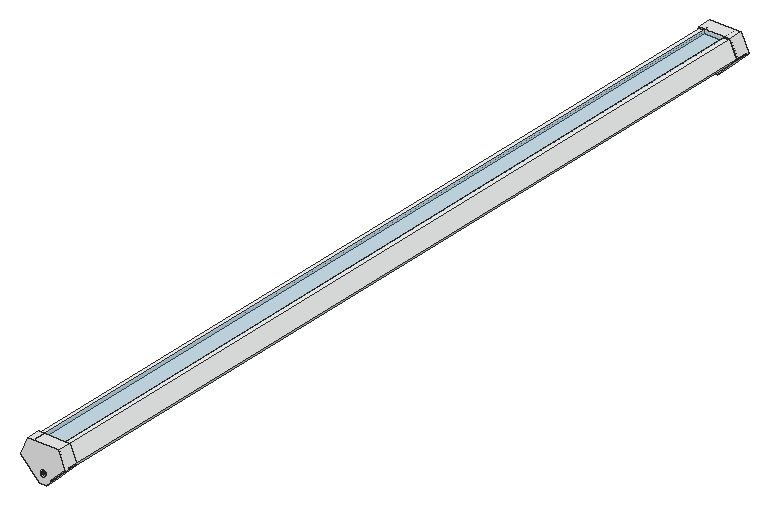
Revit family "A1-ZUCO-CRN", category Lighting Fixtures, Revit 2017
Family settings
  Round Connector Dimension = Use Diameter
  Part Type = Normal
  OmniClass Number = 23.80.70.00
  OmniClass Title = Lighting
  Work Plane-Based = Yes
  Always vertical = No
  Cut with Voids When Loaded = No
  Light Source = Yes
  Shared = No
  Room Calculation Point = No
Parameters
  Wattage = 9.2903 W
  built-in parameter 1150110 = 1 (stored number, unit not read)
  built-in parameter 1114217 = 1 (stored number, unit not read)
  Tilt Angle = 60.00°
  built-in parameter 1150109 = 1 (stored number, unit not read)
  built-in parameter 1150134 = 3
  built-in parameter 1150113 = 1 (stored number, unit not read)
  Photometric Web File = "generic"
  built-in parameter 1150142 = (empty or 0)
  built-in parameter 1150105 = 109.82 (stored number, unit not read)
  Lumens = 1380 lm
  built-in parameter 1150115 = 1 (stored number, unit not read)
  built-in parameter 1150137 = (empty or 0)
  built-in parameter 1150139 = (empty or 0)
  Length = 24.00"
  built-in parameter 1150112 = 1 (stored number, unit not read)
  built-in parameter 1150114 = 1 (stored number, unit not read)
  built-in parameter 1150132 = (empty or 0)
  built-in parameter 1150102 = (empty or 0)
  built-in parameter 1150107 = 3200 (stored number, unit not read)
  built-in parameter 1150138 = (empty or 0)
  built-in parameter 1150106 = 1.0982 (stored number, unit not read)
  Fixture Cap = Fixture Cap
  Fixture = Fixture
  Emit from Line Length = Length  # 24.00"
  built-in parameter 1150104 = 13.8 (stored number, unit not read)
  Dimming Lamp Color Temperature Shift = (empty or 0)
  Default Elevation = 48.00"
  Color Filter = 16777215
  built-in parameter 1114218 = 1 (stored number, unit not read)
  built-in parameter 1150133 = 10 (stored number, unit not read)
Reference planes (in)
  plane 1 "Light Source Axis (F/B)": y = 0
  plane 2: z = 0
  plane 3 "Light Source Axis (L/R)": x = 0
  plane 4 "Light Source Elevation": z = 1.02088
  plane 5: y = 12
  plane 6: y = -12
  plane 7: y = 12.04819
  plane 8: y = -12.04819
  plane 9: y = -11.6657
Forms (in)
  Extrusion 1, solid, material "Fixture" <- "Fixture"
    sketch origin (-0.45313, 0, -0.07812) x (1, 0, 0) y (0, 0, 1)
      loop
        line (0.49262, 0.63621) -> (0.91791, 0.21029)
        arc (0.91791, 0.21029) -> (1.0907, 0.13351) -> (1.27024, 0.19282) r 0.26238
        line (1.27024, 0.19282) -> (1.71363, 0.63621) -> (1.51941, 1.06598) -> (1.3905, 1.06598) -> (1.3905, 0.98443) -> (0.8101, 0.98443) -> (0.8101, 1.06598) -> (0.68684, 1.06598) -> (0.49262, 0.63621)
      loop
        line (0.66935, 0.95443) -> (0.52849, 0.64274) -> (0.93914, 0.23148)
        arc (0.93914, 0.23148) -> (1.09147, 0.16351) -> (1.2501, 0.2151) r 0.23238
        line (1.2501, 0.2151) -> (1.67775, 0.64276) -> (1.5369, 0.95443) -> (0.66935, 0.95443)
    from -12 to 12
  Extrusion 2, solid, material "Glass"
    sketch origin (-0.19865, 0, 0.27577) x (1, 0, 0) y (0, 0, 1)
      loop
        line (0.55563, 0.71208) -> (0.55563, 0.68053) -> (1.13602, 0.68053) -> (1.13602, 0.71208) -> (0.55563, 0.71208)
    from -12 to 12
  Extrusion 3, solid, material "Fixture Cap" <- "Fixture Cap"
    sketch origin (0, 0.05256, 0) x (1, 0, 0) y (0, 0, -1)
      loop
        circle (0.6489, -0.27356) r 0.08
      loop
        line (0.60419, -0.30881) -> (0.69298, -0.30881) -> (0.69298, -0.23355) -> (0.60419, -0.23355) -> (0.60419, -0.30881)
    from 12 to 11.94744
  Extrusion 4, solid, material "Fixture Cap" <- "Fixture Cap"
    sketch origin (-0.45313, -0.16936, -0.42188) x (1, 0, 0) y (0, 0, -1)
      loop
        line (0.66552, -1.44275) -> (1.54073, -1.44275) -> (1.75313, -0.97275) -> (1.20225, -0.42187) -> (1.004, -0.42187) -> (0.45313, -0.97275) -> (0.66552, -1.44275)
    from 11.83506 to 12.21755
  Extrusion 5, solid, material "Fixture Cap" <- "Fixture Cap"
    sketch origin (0, -0.05256, 0) x (1, 0, 0) y (0, 0, 1)
      loop
        circle (0.6489, 0.27356) r 0.08
      loop
        line (0.60419, 0.30881) -> (0.60419, 0.23355) -> (0.69298, 0.23355) -> (0.69298, 0.30881) -> (0.60419, 0.30881)
    from 12 to 11.94744
  Extrusion 6, solid, material "Fixture Cap" <- "Fixture Cap"
    sketch origin (-0.45313, 0.16936, -0.42188) x (1, 0, 0) y (0, 0, 1)
      loop
        line (0.66552, 1.44275) -> (0.45313, 0.97275) -> (1.004, 0.42187) -> (1.20225, 0.42187) -> (1.75313, 0.97275) -> (1.54073, 1.44275) -> (0.66552, 1.44275)
    from 11.83506 to 12.21755
Dimensions and locks (in)
  equal spacing: plane 5, plane 1 "Light Source Axis (F/B)", plane 6
  "Length": plane 5 to plane 6
  locked: plane 7 to plane 5 at 0.04819
  locked: plane 8 to plane 6 at 0.04819
  locked: plane 9 to plane 8 at 0.38249
  locked: Extrusion 4 to Extrusion 4 at 0.38249
  locked: plane 5 to Extrusion 4 at 0.3343
  locked: Extrusion 6 to Extrusion 1 at 0.3343
  Extrusion 6 to Extrusion 6 = 1.02088"
  Extrusion 6 to Extrusion 6 = 1.30"
  locked: Extrusion 3 to plane 5 at 0.05256
  locked: plane 6 to Extrusion 5 at 0.05256
  aligned and locked: level to plane 2
  aligned and locked: Extrusion 1 to plane 6
  aligned and locked: plane 5 to Extrusion 1
  aligned and locked: Extrusion 1 to Extrusion 2  (x3)
  aligned and locked: Extrusion 2 to Extrusion 1  (x2)
  aligned and locked: plane 7 to Extrusion 4
  aligned and locked: plane 8 to Extrusion 6
  aligned and locked: Extrusion 3 to plane 5
  aligned and locked: plane 6 to Extrusion 5
Automatic sketch dimensions
  plane 3 "Light Source Axis (L/R)" to Extrusion 1 sketch curve = 0.0395"
  plane 4 "Light Source Elevation" to Extrusion 1 sketch curve = 0.03302"  (x2)
  plane 3 "Light Source Axis (L/R)" to Extrusion 1 sketch curve = 0.23371"
  Extrusion 1 sketch curve to Extrusion 1 sketch curve = 0.12327"
  level to Extrusion 1 sketch curve = 0.13216"
  plane 3 "Light Source Axis (L/R)" to Extrusion 1 sketch curve = 0.46478"
  level to Extrusion 1 sketch curve = 0.1147"
  Extrusion 1 sketch curve to Extrusion 1 sketch curve = 0.16655"
  plane 4 "Light Source Elevation" to Extrusion 1 sketch curve = 0.11457"
  Extrusion 1 sketch curve to Extrusion 1 sketch curve = 0.58039"
  Extrusion 1 sketch curve to Extrusion 1 sketch curve = 0.12892"
  plane 4 "Light Source Elevation" to Extrusion 1 sketch curve = 0.46279"  (x2)
  Extrusion 1 sketch curve to Extrusion 1 sketch curve = 0.19422"
  plane 4 "Light Source Elevation" to Extrusion 2 sketch curve = 0.06457"
  plane 3 "Light Source Axis (L/R)" to Extrusion 2 sketch curve = 0.35698"
  plane 4 "Light Source Elevation" to Extrusion 2 sketch curve = 0.03302"
  Extrusion 2 sketch curve to Extrusion 2 sketch curve = 0.58039"
  plane 3 "Light Source Axis (L/R)" to Extrusion 3 sketch curve = 0.60419"
  Extrusion 3 sketch curve to Extrusion 3 sketch curve = 0.04471"
  Extrusion 3 sketch curve to Extrusion 3 sketch curve = 0.04408"
  level to Extrusion 3 sketch curve = 0.30881"
  Extrusion 3 sketch curve to Extrusion 3 sketch curve = 0.03525"
  Extrusion 3 sketch curve to Extrusion 3 sketch curve = 0.04001"
  Extrusion 4 sketch curve to plane 3 "Light Source Axis (L/R)" = 0.00"
  Extrusion 4 sketch curve to plane 4 "Light Source Elevation" = 0.00"
  Extrusion 4 sketch curve to level = 0.00"
  plane 3 "Light Source Axis (L/R)" to Extrusion 4 sketch curve = 0.2124"
  plane 3 "Light Source Axis (L/R)" to Extrusion 4 sketch curve = 0.55088"
  Extrusion 4 sketch curve to Extrusion 4 sketch curve = 0.19824"
  Extrusion 4 sketch curve to Extrusion 4 sketch curve = 0.87521"
  plane 4 "Light Source Elevation" to Extrusion 4 sketch curve = 0.47"  (x2)
  Extrusion 4 sketch curve to Extrusion 4 sketch curve = 0.2124"
  plane 3 "Light Source Axis (L/R)" to Extrusion 5 sketch curve = 0.60419"
  Extrusion 5 sketch curve to Extrusion 5 sketch curve = 0.04471"
  Extrusion 5 sketch curve to Extrusion 5 sketch curve = 0.04408"
  level to Extrusion 5 sketch curve = 0.23355"
  Extrusion 5 sketch curve to Extrusion 5 sketch curve = 0.04001"
  Extrusion 5 sketch curve to Extrusion 5 sketch curve = 0.03525"
  Extrusion 6 sketch curve to plane 3 "Light Source Axis (L/R)" = 0.00"
  Extrusion 6 sketch curve to plane 4 "Light Source Elevation" = 0.00"
  Extrusion 6 sketch curve to level = 0.00"
  plane 3 "Light Source Axis (L/R)" to Extrusion 6 sketch curve = 0.2124"
  plane 3 "Light Source Axis (L/R)" to Extrusion 6 sketch curve = 0.55088"
  Extrusion 6 sketch curve to Extrusion 6 sketch curve = 0.19824"
  Extrusion 6 sketch curve to Extrusion 6 sketch curve = 0.87521"
  plane 4 "Light Source Elevation" to Extrusion 6 sketch curve = 0.47"  (x2)
  Extrusion 6 sketch curve to Extrusion 6 sketch curve = 0.2124"
  Extrusion 1 sketch curve to Extrusion 1 sketch curve = 0.03"
  Extrusion 1 sketch curve to Extrusion 1 sketch curve = 0.03587"
  Extrusion 1 sketch curve to Extrusion 1 sketch curve = 0.01749"  (x2)
  level to Extrusion 1 sketch curve = 0.15335"
  Extrusion 1 sketch curve to Extrusion 1 sketch curve = 0.02124"
  Extrusion 1 sketch curve to Extrusion 1 sketch curve = 0.00653"
  Extrusion 1 sketch curve to Extrusion 1 sketch curve = 0.00"  (x2)
  Extrusion 1 sketch curve to Extrusion 1 sketch curve = 0.02014"
  Extrusion 1 sketch curve to Extrusion 1 sketch curve = 0.02228"
  plane 4 "Light Source Elevation" to Extrusion 1 sketch curve = 0.45625"
  Extrusion 1 sketch curve to Extrusion 1 sketch curve = 0.03588"
  radius of Extrusion 3 sketch curve = 0.08"
  radius of Extrusion 5 sketch curve = 0.08"
